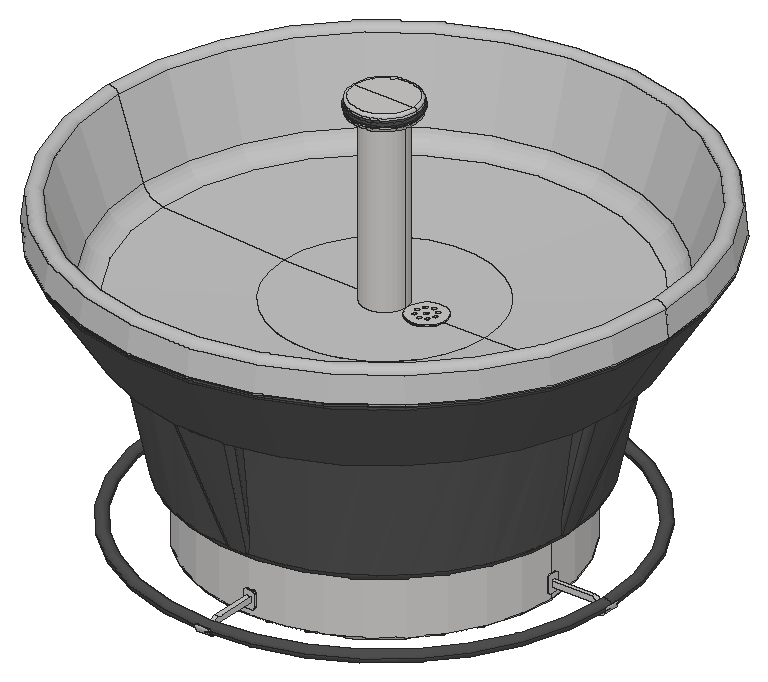
Revit family "Washfountain_Lavatory-Bradley_Corp-WF2808-Type_A_Drain", category Plumbing Fixtures, Revit 2012
Parameters
  Width = 54.000"
  Warranty Information = ""
  WFU = 0
  Voltage = 110 V
  Version = "2.0"
  URL = "http://www.bradleycorp.com/"
  Towel Dispenser Holder [instance] = if((Soap Dispenser), 6.000", 15.000")  # 15.000"
  Towel Dispenser Height [instance] = if((Sensor Module), 55.750", 52.250")  # 52.250"
  TouchTime® Control [instance] = no
  Technical Data = ""
  Spray Head Height = 37.250"
  Specifications URL = "http://www.bradleycorp.com/3partspec"
  Soap Dispenser Holder [instance] = 3.000"  # constant formula
  Soap Dispenser Height [instance] = if((Sensor Module), 49.750", 46.250")  # 46.250"
  Sensor Module Height = 40.750"
  Sensor Module [instance] = or(not(Foot Control Valve), TouchTime® Control, Air Valve Hand Control, Adaptive Infrared Activation Control)  # no
  Rim Height = 29.000"
  Product Tech Data URL - Spanish = ""
  Product Tech Data URL - French = ""
  Product Tech Data URL - English = "http://bradleycorp.com/download/1241/2015.pdf"
  Pedestal Material = Plastic - Bradley Corp - Black
  Pedestal Height = 26.000"
  Operating Water Pressure Range = "20 - 80 PSI"
  OmniClass Table 23 Title = "Sinks/Lavatories"
  OmniClass Table 23 Number = "23-31 13 00"
  OmniClass Table 21 Title = "Plumbing Fixtures"
  OmniClass Table 21 Number = "21-04 20 10 60"
  No Towel Dispenser [instance] = not(Towel Dispenser)  # yes
  No Soap Dispenser [instance] = not(Soap Dispenser)  # yes
  No Sensor Module [instance] = not(Sensor Module)  # yes
  Modeling Code = ""
  Model = "WF2808"
  Material Note = "Other Terrazzo colors available - See www.bradleycorp.com "
  MasterFormat Title = "Commercial Lavatories and Sinks"
  MasterFormat Number = "22 42 16"
  Manufacturer = "Bradley Corp"
  Industry Standards = "ANSI Z124.3, Z124.6 and ANSI/ICPA SS-1-2001"
  Hot Lavatory Inlet Radius = Hot Lavatory Inlet / 2  # 1/2"
  Hot Lavatory Inlet = 1"
  HWFU = 0
  Frequency = 50 Hz
  Foot Control Valve [instance] = not(or(TouchTime® Control, Air Valve Hand Control, Adaptive Infrared Activation Control))  # yes
  Flow Rate = 5.0 GPM
  Fire Rating = "n/a"
  Drain Radius = Drain / 2  # 1"
  Drain = 2"
  Description = "Washfountain, 54\" Circular with 9\" Deep Bowl"
  Copyright = "This Model Data is Property of Bradley Corporation"
  Cold Lavatory Inlet Radius = Cold Lavatory Inlet / 2  # 1/2"
  Cold Lavatory Inlet = 1"
  CWFU = 0
  Buy American Act = "No"
  Button Visibility [instance] = or(TouchTime® Control, Air Valve Hand Control)  # no
  Bowl Material [instance] = Stone - Bradley Corp - Carbon
  Assembly Code = "D2010300"
  Air Valve Hand Control [instance] = no
  Adaptive Infrared Activation Control [instance] = no
  ADA Compliant = "Yes"
  Soap Dispenser [instance] = no
  Towel Dispenser [instance] = no
Reference planes (in)
  plane 1 "Center (Front/Back)": y = 0
  plane 2: z = 0
  plane 3 "Center (Left/Right)": x = 0
  plane 4 "Left": x = -27
  plane 5 "Right": x = 27
  plane 6 "Front": y = -27
  plane 7 "Back": y = 27
  plane 8 "Towel Dispenser": z = 52.25
  plane 9 "Soap Dispenser": z = 46.25
  plane 10 "Sensor Module": z = 40.75
  plane 11 "Spray Head": z = 37.25
  plane 12 "Rim Height": z = 29
  plane 13: z = 40.25
  plane 14 "Pedestal Height": z = 26
Forms (in)
  Revolve 1, solid, material "Stone - Bradley Corp - Carbon" <- "Bowl Material", detail levels medium+fine
    sketch origin (-3, 0, 29) x (1, 0, 0) y (0, 0, 1)
      loop
        line (-19.00041, -10.88) -> (1, -10.88) -> (1, -8.99998) -> (-6.5, -8.99998) -> (-18.04504, -8.54806)
        arc (-18.04504, -8.54806) -> (-19.17262, -8.16768) -> (-19.88451, -7.2141) r 2
        line (-19.88451, -7.2141) -> (-22.2559, -0.49353)
        arc (-22.2559, -0.49353) -> (-23.0061, 0) -> (-23.6919, -0.5797) r 0.75
        line (-23.6919, -0.5797) -> (-24, -2.8881)
        arc (-24, -2.8881) -> (-23.97669, -2.96533) -> (-23.90322, -2.99865) r 0.09764
        line (-23.90322, -2.99865) -> (-23.7906, -2.99865) -> (-23.84579, -3.22848)
        arc (-23.84579, -3.22848) -> (-23.84847, -3.32773) -> (-23.81229, -3.42019) r 0.24994
        line (-23.81229, -3.42019) -> (-19.00041, -10.88)
      axis (3, -0.49353) -> (3, -10.88)
    angle from 0 to 360
  Revolve 2, solid, material "Stone - Bradley Corp - Carbon" <- "Bowl Material", detail levels coarse
    sketch origin (-3, 0, 29) x (1, 0, 0) y (0, 0, 1)
      loop
        line (-24, 0) -> (-24, -3) -> (-23.50943, -3) -> (-19.08564, -10.88) -> (1, -10.88) -> (1, -8.85798) -> (-6.5, -8.85798) -> (-19.43127, -8.4938) -> (-22.43959, 0) -> (-24, 0)
      axis (3, 0) -> (3, -10.88)
    angle from 0 to 360
  Revolve 3, solid, material "Metal - Bradley Corp - Stainless Steel - Polished", detail levels fine
    sketch origin (-3, 0, 37.25) x (1, 0, 0) y (0, 0, 1)
      loop
        arc (0.215, 0.00002) -> (0.03822, -0.0732) -> (-0.035, -0.24998) r 0.25
        line (-0.035, -0.24998) -> (-0.035, -0.44498)
        arc (-0.035, -0.44498) -> (-0.10129, -0.47244) -> (-0.12875, -0.53873) r 0.09375
        line (-0.12875, -0.53873) -> (-0.12875, -0.85123)
        arc (-0.12875, -0.85123) -> (-0.10129, -0.91752) -> (-0.035, -0.94498) r 0.09375
        line (-0.035, -0.94498) -> (-0.035, -1.13998)
        arc (-0.035, -1.13998) -> (0.03822, -1.31676) -> (0.215, -1.38998) r 0.25
        line (0.215, -1.38998) -> (1, -1.38998) -> (1, -18.991) -> (3, -18.991) -> (3, 0.00002) -> (0.215, 0.00002)
      axis (3, 0.00002) -> (3, -18.991)
    angle from 0 to 360
  Revolve 4, solid, material "Metal - Bradley Corp - Stainless Steel - Polished", detail levels coarse+medium
    sketch origin (-3, 0, 37.25) x (1, 0, 0) y (0, 0, 1)
      loop
        line (3, 0) -> (0.21498, 0) -> (-0.12875, -0.44498) -> (-0.12875, -0.94498) -> (0.215, -1.38998) -> (1, -1.38998) -> (1, -18.991) -> (3, -18.991) -> (3, 0)
      axis (3, 0) -> (3, -18.991)
    angle from 0 to 360
  Revolve 5, solid, material "Metal - Bradley Corp - Stainless Steel - Polished", visible <- "Soap Dispenser", detail levels fine
    sketch origin (-3, 0, 46.25) x (1, 0, 0) y (0, 0, 1)
      loop
        arc (-1.17907, 0) -> (-2.18101, -0.11803) -> (-3.1566, -0.375) r 7.19764
        line (-3.1566, -0.375) -> (-3.1566, -1) -> (-3.01376, -1) -> (-3.01376, -1.64327) -> (-2.98301, -1.64327) -> (-2.98301, -2.89327) -> (-2.93039, -2.89327) -> (-2.93039, -4.14327) -> (-2.87777, -4.14327) -> (-2.87777, -5.39327) -> (-2.81, -5.39327) -> (-2.81, -6) -> (3, -6) -> (3, 0) -> (-1.17907, 0)
      axis (3, 0) -> (3, -6)
    angle from 0 to 360
  Revolve 6, solid, material "Metal - Bradley Corp - Stainless Steel - Polished", visible <- "Soap Dispenser", detail levels coarse+medium
    sketch origin (-3, 0, 46.25) x (1, 0, 0) y (0, 0, 1)
      loop
        line (3, -1) -> (-3.1566, -1) -> (-2.81, -6) -> (3, -6) -> (3, -1)
      axis (3, -1) -> (3, -6)
    angle from 0 to 360
  Revolve 7, solid, material "Metal - Bradley Corp - Stainless Steel - Polished", visible <- "Sensor Module", detail levels fine
    sketch origin (-3, 0, 40.75) x (1, 0, 0) y (0, 0, 1)
      loop
        line (-1.49987, -0.56541) -> (-1.49987, -1.98683)
        arc (-1.49987, -1.98683) -> (-1.48063, -2.08301) -> (-1.42587, -2.16439) r 0.25
        line (-1.42587, -2.16439) -> (-0.82309, -2.76716)
        arc (-0.82309, -2.76716) -> (-0.74199, -2.82135) -> (-0.64632, -2.84038) r 0.25
        line (-0.64632, -2.84038) -> (1, -2.84038) -> (1, -3.5) -> (3, -3.5) -> (3, 0) -> (0.89718, 0)
        arc (0.89718, 0) -> (-0.28099, -0.0858) -> (-1.45612, -0.2063) r 40.06
        arc (-1.45612, -0.2063) -> (-1.54124, -0.251) -> (-1.57537, -0.34072) r 0.135
        line (-1.57537, -0.34072) -> (-1.57537, -0.56541) -> (-1.49987, -0.56541)
      axis (3, 0) -> (3, -3.5)
    angle from 0 to 360
  Revolve 8, solid, material "Metal - Bradley Corp - Stainless Steel - Polished", visible <- "Sensor Module", detail levels coarse+medium
    sketch origin (-3, 0, 40.75) x (1, 0, 0) y (0, 0, 1)
      loop
        line (-1.57537, -2.01488) -> (-0.75025, -2.84) -> (1, -2.84) -> (1, -3.5) -> (3, -3.5) -> (3, 0) -> (-1.57537, 0) -> (-1.57537, -2.01488)
      axis (3, 0) -> (3, -3.5)
    angle from 0 to 360
  Extrusion 9, solid, material "Metal - Bradley Corp - Stainless Steel - Polished", visible <- "Towel Dispenser"
    sketch origin (-5.60167, 3.20696, 52.25) x (0, 0, 1) y (0, 1, 0)
      loop
        line (0, 0) -> (15.313, 0) -> (14.62567, 4) -> (1.37502, 4) -> (0, 1.75) -> (0, 0)
    from -0.10167 to -11.10192
  Extrusion 10, solid, material "Metal - Bradley Corp - Stainless Steel - Polished", visible <- "Towel Dispenser"
    sketch origin (-0.06259, -6.38699, 52.25) x (0, 0, 1) y (-0.866025, -0.5, 0)
      loop
        line (0, 0) -> (15.313, 0) -> (14.62567, 4) -> (1.37502, 4) -> (0, 1.75) -> (0, 0)
    from 0 to -11
  Extrusion 11, solid, material "Metal - Bradley Corp - Stainless Steel - Polished", visible <- "Towel Dispenser"
    sketch origin (5.61356, 3.22741, 55.75) x (0, 0, 1) y (0.866038, -0.499977, 0)
      loop
        line (-3.5, 0) -> (11.813, 0) -> (11.12567, 4) -> (-2.12498, 4) -> (-3.5, 1.75) -> (-3.5, 0)
    from -0.10167 to -11.10192
  Extrusion 12, solid, material "Metal - Bradley Corp - Stainless Steel - Polished", visible <- "Towel Dispenser"
    sketch origin (0, 0, 52.25) x (-1, 0, 0) y (0, -1, 0)
      loop
        circle (0, 0) r 2
    from -15 to 16.313
  Extrusion 13, solid, material "Metal - Bradley Corp - Stainless Steel - Polished", visible <- "Soap Dispenser"
    sketch origin (0, 0, 46.25) x (-1, 0, 0) y (0, -1, 0)
      loop
        circle (0, 0) r 2
    from -6 to -9
  Extrusion 14, solid, material "Metal - Bradley Corp - Stainless Steel - Polished", visible <- "Towel Dispenser"
    sketch origin (0, 0, 52.25) x (-1, 0, 0) y (0, -1, 0)
      loop
        line (5.5, -3.20696) -> (5.56259, -3.13929) -> (0.06259, 6.38699) -> (-0.06295, 6.3871) -> (-5.56269, -3.13929) -> (-5.50026, -3.20696) -> (5.5, -3.20696)
      loop
        circle (0, 0) r 2
    from 14.62567 to 14.12567
  Extrusion 15, solid, material "Metal - Bradley Corp - Stainless Steel - Polished", visible <- "Towel Dispenser"
    sketch origin (0, 0, 52.25) x (-1, 0, 0) y (0, -1, 0)
      loop
        line (5.56259, -3.13929) -> (0.06259, 6.38699) -> (-0.06295, 6.3871) -> (-5.56269, -3.13929) -> (-5.50026, -3.20696) -> (5.5, -3.20696) -> (5.56259, -3.13929)
      loop
        circle (0, 0) r 2
    from 1.0786 to 1.5786
  Sweep 16, solid, material "Plastic - Bradley Corp - Black", visible <- "Foot Control Valve"
    path in 3D
      loop
        arc (-21, 0, 0) -> (0, -21, 0) -> (21, 0, 0) r 21
        arc (21, 0, 0) -> (0, 21, 0) -> (-21, 0, 0) r 21
    profile origin (0, 21, 0) x (0, -1, 0) y (0, 0, 1)
      loop
        circle (0, 1.425) r 0.5
  Extrusion 17, solid, material "Metal - Bradley Corp - Stainless Steel - Satin", visible <- "Foot Control Valve"
    sketch origin (0, 0, 0) x (1, 0, 0) y (0, 0, 1)
      loop
        arc (-21.48307, 1.55388) -> (-21.51847, 1.61509) -> (-21.57968, 1.57969) r 0.05
        arc (-21.57968, 1.57969) -> (-21.01372, 0.82503) -> (-20.41385, 1.55302) r 0.6
        arc (-20.41385, 1.55302) -> (-20.47337, 1.59119) -> (-20.51154, 1.53166) r 0.05
        arc (-20.51154, 1.53166) -> (-21.01143, 0.925) -> (-21.48307, 1.55388) r 0.5
      loop
        arc (21.48307, 1.55388) -> (21.01143, 0.925) -> (20.51154, 1.53166) r 0.5
        arc (20.51154, 1.53166) -> (20.47337, 1.59119) -> (20.41385, 1.55302) r 0.05
        arc (20.41385, 1.55302) -> (21.01372, 0.82503) -> (21.57968, 1.57969) r 0.6
        arc (21.57968, 1.57969) -> (21.51847, 1.61509) -> (21.48307, 1.55388) r 0.05
    from -0.67 to 0.67
  Extrusion 18, solid, material "Metal - Bradley Corp - Stainless Steel - Satin", visible <- "Foot Control Valve"
    sketch origin (0, 0, 0) x (0, 1, 0) y (0, 0, 1)
      loop
        arc (21.48307, 1.55401) -> (21.01143, 0.92513) -> (20.51154, 1.53179) r 0.5
        arc (20.51154, 1.53179) -> (20.47337, 1.59132) -> (20.41385, 1.55315) r 0.05
        arc (20.41385, 1.55315) -> (21.01372, 0.82516) -> (21.57968, 1.57982) r 0.6
        arc (21.57968, 1.57982) -> (21.51847, 1.61522) -> (21.48307, 1.55401) r 0.05
      loop
        arc (-21.48307, 1.55401) -> (-21.51847, 1.61522) -> (-21.57968, 1.57982) r 0.05
        arc (-21.57968, 1.57982) -> (-21.01372, 0.82516) -> (-20.41385, 1.55315) r 0.6
        arc (-20.41385, 1.55315) -> (-20.47337, 1.59132) -> (-20.51154, 1.53179) r 0.05
        arc (-20.51154, 1.53179) -> (-21.01143, 0.92513) -> (-21.48307, 1.55401) r 0.5
    from -0.67 to 0.67
  Extrusion 19, solid, material "Metal - Bradley Corp - Stainless Steel - Satin", visible <- "Foot Control Valve"
    sketch origin (0, 0, 0) x (1, 0, 0) y (0, 0, 1)
      loop
        line (-16.0446, 1.26725) -> (-16.0446, 1.76725) -> (-19.80661, 1.76725)
        arc (-19.80661, 1.76725) -> (-20.14911, 1.67556) -> (-20.4, 1.42503) r 0.68556
        arc (-20.4, 1.42503) -> (-20.57574, 1.00076) -> (-21, 0.82503) r 0.6
        arc (-21, 0.82503) -> (-20.42367, 0.87326) -> (-19.94786, 1.20202) r 1.12245
        arc (-19.94786, 1.20202) -> (-19.8844, 1.25015) -> (-19.80661, 1.26725) r 0.18556
        line (-19.80661, 1.26725) -> (-16.0446, 1.26725)
      loop
        line (16.04456, 1.26725) -> (19.80661, 1.26725)
        arc (19.80661, 1.26725) -> (19.8844, 1.25015) -> (19.94786, 1.20202) r 0.18556
        arc (19.94786, 1.20202) -> (20.42367, 0.87326) -> (21, 0.82503) r 1.12245
        arc (21, 0.82503) -> (20.57574, 1.00076) -> (20.4, 1.42503) r 0.6
        arc (20.4, 1.42503) -> (20.14911, 1.67556) -> (19.80661, 1.76725) r 0.68556
        line (19.80661, 1.76725) -> (16.04456, 1.76725) -> (16.04456, 1.26725)
    from -0.2 to 0.2
  Extrusion 20, solid, material "Metal - Bradley Corp - Stainless Steel - Satin", visible <- "Foot Control Valve"
    sketch origin (0, 0, 0) x (0, 1, 0) y (0, 0, 1)
      loop
        line (16.04286, 1.27219) -> (19.80754, 1.27219)
        arc (19.80754, 1.27219) -> (19.88533, 1.25509) -> (19.94879, 1.20696) r 0.18556
        arc (19.94879, 1.20696) -> (20.4246, 0.8782) -> (21.00093, 0.82997) r 1.12245
        arc (21.00093, 0.82997) -> (20.57666, 1.0057) -> (20.40093, 1.42997) r 0.6
        arc (20.40093, 1.42997) -> (20.15004, 1.6805) -> (19.80754, 1.77219) r 0.68556
        line (19.80754, 1.77219) -> (16.04286, 1.77219) -> (16.04286, 1.27219)
      loop
        line (-16.04458, 1.27219) -> (-16.04458, 1.77219) -> (-19.80754, 1.77219)
        arc (-19.80754, 1.77219) -> (-20.15004, 1.6805) -> (-20.40093, 1.42997) r 0.68556
        arc (-20.40093, 1.42997) -> (-20.57666, 1.0057) -> (-21.00093, 0.82997) r 0.6
        arc (-21.00093, 0.82997) -> (-20.4246, 0.8782) -> (-19.94879, 1.20696) r 1.12245
        arc (-19.94879, 1.20696) -> (-19.88533, 1.25509) -> (-19.80754, 1.27219) r 0.18556
        line (-19.80754, 1.27219) -> (-16.04458, 1.27219)
    from -0.19588 to 0.2
  Extrusion 21, solid, material "Metal - Bradley Corp - Stainless Steel - Satin", visible <- "Foot Control Valve"
    sketch origin (0, 0, 0) x (0, 1, 0) y (0, 0, 1)
      loop
        line (0.25501, 2.33461) -> (-0.24499, 2.33461)
        arc (-0.24499, 2.33461) -> (-0.42177, 2.26139) -> (-0.49499, 2.08461) r 0.25
        line (-0.49499, 2.08461) -> (-0.49499, 0.95961)
        arc (-0.49499, 0.95961) -> (-0.42177, 0.78284) -> (-0.24499, 0.70961) r 0.25
        line (-0.24499, 0.70961) -> (0.25501, 0.70961)
        arc (0.25501, 0.70961) -> (0.43178, 0.78284) -> (0.50501, 0.95961) r 0.25
        line (0.50501, 0.95961) -> (0.50501, 2.08461)
        arc (0.50501, 2.08461) -> (0.43178, 2.26139) -> (0.25501, 2.33461) r 0.25
      loop
        line (0.24214, 1.22802) -> (0.24214, 1.81621) -> (-0.23845, 1.81621) -> (-0.23845, 1.22802) -> (0.24214, 1.22802)
    from -16.0446 to -15.8946
  Extrusion 22, solid, material "Metal - Bradley Corp - Stainless Steel - Satin", visible <- "Foot Control Valve"
    sketch origin (0, 0, 0) x (0, 1, 0) y (0, 0, 1)
      loop
        arc (-0.25501, 2.33461) -> (-0.43178, 2.26139) -> (-0.50501, 2.08461) r 0.25
        line (-0.50501, 2.08461) -> (-0.50501, 0.95961)
        arc (-0.50501, 0.95961) -> (-0.43178, 0.78284) -> (-0.25501, 0.70961) r 0.25
        line (-0.25501, 0.70961) -> (0.24499, 0.70961)
        arc (0.24499, 0.70961) -> (0.42177, 0.78284) -> (0.49499, 0.95961) r 0.25
        line (0.49499, 0.95961) -> (0.49499, 2.08461)
        arc (0.49499, 2.08461) -> (0.42177, 2.26139) -> (0.24499, 2.33461) r 0.25
        line (0.24499, 2.33461) -> (-0.25501, 2.33461)
      loop
        line (-0.24214, 1.22802) -> (0.23845, 1.22802) -> (0.23845, 1.81621) -> (-0.24214, 1.81621) -> (-0.24214, 1.22802)
    from 15.89284 to 16.04456
  Extrusion 23, solid, material "Metal - Bradley Corp - Stainless Steel - Satin", visible <- "Foot Control Valve"
    sketch origin (0, 0, 0) x (1, 0, 0) y (0, 0, 1)
      loop
        arc (-0.25501, 2.33461) -> (-0.43178, 2.26139) -> (-0.50501, 2.08461) r 0.25
        line (-0.50501, 2.08461) -> (-0.50501, 0.95961)
        arc (-0.50501, 0.95961) -> (-0.43178, 0.78284) -> (-0.25501, 0.70961) r 0.25
        line (-0.25501, 0.70961) -> (0.24499, 0.70961)
        arc (0.24499, 0.70961) -> (0.42177, 0.78284) -> (0.49499, 0.95961) r 0.25
        line (0.49499, 0.95961) -> (0.49499, 2.08461)
        arc (0.49499, 2.08461) -> (0.42177, 2.26139) -> (0.24499, 2.33461) r 0.25
        line (0.24499, 2.33461) -> (-0.25501, 2.33461)
      loop
        line (-0.24214, 1.22802) -> (0.23845, 1.22802) -> (0.23845, 1.81621) -> (-0.24214, 1.81621) -> (-0.24214, 1.22802)
    from -16.04286 to -15.89458
  Extrusion 24, solid, material "Metal - Bradley Corp - Stainless Steel - Satin", visible <- "Foot Control Valve"
    sketch origin (0, 0, 0) x (1, 0, 0) y (0, 0, 1)
      loop
        line (0.25501, 2.33461) -> (-0.24499, 2.33461)
        arc (-0.24499, 2.33461) -> (-0.42177, 2.26139) -> (-0.49499, 2.08461) r 0.25
        line (-0.49499, 2.08461) -> (-0.49499, 0.95961)
        arc (-0.49499, 0.95961) -> (-0.42177, 0.78284) -> (-0.24499, 0.70961) r 0.25
        line (-0.24499, 0.70961) -> (0.25501, 0.70961)
        arc (0.25501, 0.70961) -> (0.43178, 0.78284) -> (0.50501, 0.95961) r 0.25
        line (0.50501, 0.95961) -> (0.50501, 2.08461)
        arc (0.50501, 2.08461) -> (0.43178, 2.26139) -> (0.25501, 2.33461) r 0.25
      loop
        line (0.24214, 1.22802) -> (0.24214, 1.81621) -> (-0.23845, 1.81621) -> (-0.23845, 1.22802) -> (0.24214, 1.22802)
    from 15.89458 to 16.04458
  Extrusion 25, void
    sketch origin (0, 0, 18.12) x (-1, 0, 0) y (0, -1, 0)
      loop
        circle (-4, 0) r 1.75
    from 0 to 10.88
  Extrusion 26, solid, material "Metal - Bradley Corp - Stainless Steel - Polished", detail levels medium+fine
    sketch origin (0, 0, 18.12) x (-1, 0, 0) y (0, -1, 0)
      loop
        circle (-4, 0) r 1.75
      loop
        circle (-4, 0) r 0.1842
      loop
        circle (-4, -0.87771) r 0.1842
      loop
        circle (-3.12229, 0) r 0.1842
      loop
        circle (-4, 0.87771) r 0.1842
      loop
        circle (-4.87771, 0) r 0.1842
      loop
        circle (-4.62063, -0.62063) r 0.1842
      loop
        circle (-3.37937, -0.62063) r 0.1842
      loop
        circle (-3.37937, 0.62063) r 0.1842
      loop
        circle (-4.62063, 0.62063) r 0.1842
    from 1.97531 to 2.02202
  Extrusion 27, solid, material "Default", not visible, detail levels medium+fine
    sketch origin (0, 0, 0) x (1, 0, 0) y (0, 1, 0)
      loop
        circle (4, 0) r 1
      loop
        line (1, 5.5) -> (-1, 5.5) -> (-1, 4.5) -> (1, 4.5) -> (1, 5.5)
    from 0 to 3
  SweptBlend 28, solid, material "Plastic - Bradley Corp - Black" <- "Pedestal Material", detail levels medium+fine
    path in 3D
      loop
        line (-17.47033, -0.07207, 6.24986) -> (-22.00672, -0.07207, 18.12)
    profile origin (-17.47033, -0.07207, 6.24986) x (0, 1, 0) y (-0.934109, 0, -0.356987)
      loop
        arc (1.10677, -0.31109) -> (1.01994, -0.10145) -> (0.8103, -0.01461) r 0.29648
        arc (0.8103, -0.01461) -> (0, 0.02141) -> (-0.8103, -0.01461) r 9.13062
        arc (-0.8103, -0.01461) -> (-1.01994, -0.10145) -> (-1.10677, -0.31109) r 0.29648
        line (-1.10677, -0.31109) -> (-1.10677, -2.07277) -> (1.10677, -2.07277) -> (1.10677, -0.31109)
    end profile origin (-22.00672, -0.07207, 18.12) x (0, 1, 0) y (-0.934109, 0, -0.356987)
      loop
        spline (2.38834, -0.11493) -> (2.00339, -0.08006) -> (1.61784, -0.05152) -> (1.23182, -0.02931) -> (0.84544, -0.01344) -> (0.45881, -0.00392) -> (0.07207, -0.00074) -> (-0.31467, -0.00392) -> (-0.70129, -0.01344) -> (-1.08767, -0.02931) -> (-1.4737, -0.05152) -> (-1.85924, -0.08006) -> (-2.24419, -0.11493)
        arc (-2.24419, -0.11493) -> (-2.58078, -0.31531) -> (-2.71312, -0.684) r 0.57976
        line (-2.71312, -0.684) -> (-2.20765, -2.07277) -> (2.35179, -2.07277) -> (2.85726, -0.684)
        arc (2.85726, -0.684) -> (2.72493, -0.31531) -> (2.38834, -0.11493) r 0.57976
  Revolve 29, solid, material "Plastic - Bradley Corp - Black" <- "Pedestal Material", detail levels medium+fine
    sketch origin (0, 0, 0) x (1, 0, 0) y (0, 0, 1)
      loop
        arc (-17.49891, 6.32544) -> (-17.17129, 5.84995) -> (-16.62363, 5.66694) r 0.91095
        line (-16.62363, 5.66694) -> (0, 5.66694) -> (0, 18.12) -> (-20.00592, 18.12) -> (-17.49891, 6.32544)
      axis (0, 18.12) -> (0, 5.66694)
    angle from 0 to 360
  SweptBlend 30, solid, material "Plastic - Bradley Corp - Black" <- "Pedestal Material", detail levels medium+fine
    path in 3D
      loop
        line (0.07207, -17.47033, 6.24986) -> (0.07207, -22.00672, 18.12)
    profile origin (0.07207, -17.47033, 6.24986) x (-0.135177, 0.925536, 0.35371) y (-0.990822, -0.12627, -0.048256)
      loop
        arc (0.45784, 1.05456) -> (0.23839, 0.99686) -> (0.12401, 0.80089) r 0.29648
        arc (0.12401, 0.80089) -> (-0.02122, 0.00289) -> (-0.09506, -0.80484) r 9.13062
        arc (-0.09506, -0.80484) -> (-0.03736, -1.02429) -> (0.15862, -1.13867) r 0.29648
        line (0.15862, -1.13867) -> (1.90413, -1.3768) -> (2.20335, 0.81642) -> (0.45784, 1.05456)
    end profile origin (0.07207, -22.00672, 18.12) x (-0.135177, 0.925536, 0.35371) y (-0.990822, -0.12627, -0.048256)
      loop
        spline (0.43672, 2.35088) -> (0.35014, 1.97418) -> (0.26974, 1.59603) -> (0.19555, 1.21655) -> (0.1276, 0.83586) -> (0.0659, 0.45407) -> (0.01048, 0.07131) -> (-0.03866, -0.31231) -> (-0.08148, -0.69667) -> (-0.11799, -1.08165) -> (-0.14817, -1.46713) -> (-0.172, -1.853) -> (-0.18949, -2.23913)
        arc (-0.18949, -2.23913) -> (-0.03645, -2.59972) -> (0.31097, -2.78068) r 0.57976
        line (0.31097, -2.78068) -> (1.75532, -2.46757) -> (2.37165, 2.05002) -> (1.06395, 2.73858)
        arc (1.06395, 2.73858) -> (0.68076, 2.6573) -> (0.43672, 2.35088) r 0.57976
  SweptBlend 31, solid, material "Plastic - Bradley Corp - Black" <- "Pedestal Material", detail levels medium+fine
    path in 3D
      loop
        line (17.47033, 0.07207, 6.24986) -> (22.00672, 0.07207, 18.12)
    profile origin (17.47033, 0.07207, 6.24986) x (-0.12862, 0.990475, 0.049154) y (-0.925212, -0.137692, 0.353587)
      loop
        arc (-1.0534, 0.46052) -> (-0.99625, 0.24092) -> (-0.80057, 0.12604) r 0.29648
        arc (-0.80057, 0.12604) -> (-0.00295, -0.02121) -> (0.80459, -0.0971) r 9.13062
        arc (0.80459, -0.0971) -> (1.02419, -0.03996) -> (1.13907, 0.15573) r 0.29648
        line (1.13907, 0.15573) -> (1.38164, 1.90063) -> (-0.81083, 2.20542) -> (-1.0534, 0.46052)
    end profile origin (22.00672, 0.07207, 18.12) x (-0.12862, 0.990475, 0.049154) y (-0.925212, -0.137692, 0.353587)
      loop
        spline (-2.34977, 0.44269) -> (-1.97328, 0.35515) -> (-1.59534, 0.27379) -> (-1.21605, 0.19864) -> (-0.83553, 0.12972) -> (-0.4539, 0.06705) -> (-0.07128, 0.01066) -> (0.31221, -0.03945) -> (0.69646, -0.08325) -> (1.08135, -0.12074) -> (1.46675, -0.15189) -> (1.85256, -0.17671) -> (2.23864, -0.19518)
        arc (2.23864, -0.19518) -> (2.59962, -0.04305) -> (2.78146, 0.30391) r 0.57976
        line (2.78146, 0.30391) -> (2.47202, 1.74905) -> (-2.04399, 2.37685) -> (-2.73587, 1.0709)
        arc (-2.73587, 1.0709) -> (-2.65556, 0.6875) -> (-2.34977, 0.44269) r 0.57976
  SweptBlend 32, solid, material "Plastic - Bradley Corp - Black" <- "Pedestal Material", detail levels medium+fine
    path in 3D
      loop
        line (-0.07207, 17.47033, 6.24986) -> (-0.07207, 22.00672, 18.12)
    profile origin (-0.07207, 17.47033, 6.24986) x (-0.265556, 0.900571, -0.344169) y (-0.964096, -0.248058, 0.0948)
      loop
        arc (-0.59383, -0.98442) -> (-0.36865, -0.95638) -> (-0.22927, -0.77732) r 0.29648
        arc (-0.22927, -0.77732) -> (0.02065, -0.00569) -> (0.20109, 0.78508) r 9.13062
        arc (0.20109, 0.78508) -> (0.17305, 1.01026) -> (-0.00601, 1.14965) r 0.29648
        line (-0.00601, 1.14965) -> (-1.70444, 1.61747) -> (-2.29225, -0.5166) -> (-0.59383, -0.98442)
    end profile origin (-0.07207, 22.00672, 18.12) x (-0.265556, 0.900571, -0.344169) y (-0.964096, -0.248058, 0.0948)
      loop
        spline (-0.74504, -2.27207) -> (-0.6092, -1.9102) -> (-0.47929, -1.54607) -> (-0.35537, -1.17981) -> (-0.23747, -0.81151) -> (-0.12562, -0.4413) -> (-0.01985, -0.06929) -> (0.07979, 0.30441) -> (0.17327, 0.67968) -> (0.26058, 1.0564) -> (0.34168, 1.43446) -> (0.41655, 1.81375) -> (0.48516, 2.19414)
        arc (0.48516, 2.19414) -> (0.38136, 2.57185) -> (0.06105, 2.79734) r 0.57976
        line (0.06105, 2.79734) -> (-1.41209, 2.67882) -> (-2.62288, -1.71692) -> (-1.4182, -2.57304)
        arc (-1.4182, -2.57304) -> (-1.02761, -2.54336) -> (-0.74504, -2.27207) r 0.57976
  Revolve 33, solid, material "Metal - Bradley Corp - Stainless Steel - Satin"
    sketch origin (0, 0, 0) x (1, 0, 0) y (0, 0, 1)
      loop
        line (-15.89458, 5.66694) -> (-15.89458, 0.09391)
        arc (-15.89458, 0.09391) -> (-15.86599, 0.0274) -> (-15.799, 0) r 0.0956
        line (-15.799, 0) -> (0, 0) -> (0, 5.66694) -> (-15.89458, 5.66694)
      axis (0, 5.66694) -> (0, 0)
    angle from 0 to 360
  Revolve 34, solid, material "Plastic - Bradley Corp - Black" <- "Pedestal Material", detail levels coarse
    sketch origin (0, 0, 0) x (0, 1, 0) y (0, 0, 1)
      loop
        line (22.00592, 18.12) -> (0, 18.12) -> (0, 5.66694) -> (17.27314, 5.66694) -> (22.00592, 18.12)
      axis (0, 18.12) -> (0, 5.66694)
    angle from 0 to 360
  Extrusion 35, solid, material "Default", not visible, detail levels medium+fine
    sketch origin (0, 0, 0) x (1, 0, 0) y (0, 1, 0)
      loop
        circle (-7.625, 2.5) r 0.5
      loop
        circle (7.625, 2.5) r 0.5
    from 0 to 2.5
  Revolve 36, solid, material "Plastic - Bradley Corp - Black", visible <- "Soap Dispenser", detail levels coarse+medium
    sketch origin (-3, 0, 46.25) x (1, 0, 0) y (0, 0, 1)
      loop
        line (-3.22592, 0) -> (-3.1566, -1) -> (3, -1) -> (3, 0) -> (-3.22592, 0)
      axis (3, 0) -> (3, -1)
    angle from 0 to 360
  Extrusion 37, solid, material "Metal - Bradley Corp - Stainless Steel - Polished", visible <- "Button Visibility"
    sketch origin (-3, 0, 40.75) x (1, 0, 0) y (0, 0, 1)
      loop
        circle (3, -1.3649) r 0.5
    from 4.57537 to 4.97537
  Extrusion 38, solid, material "Metal - Bradley Corp - Stainless Steel - Polished", visible <- "Button Visibility"
    sketch origin (-3, 0, 40.75) x (1, 0, 0) y (0, 0, 1)
      loop
        circle (3, -1.3649) r 0.5
    from -4.97537 to -4.57537
  Extrusion 39, solid, material "Metal - Bradley Corp - Stainless Steel - Polished", visible <- "Button Visibility", detail levels fine
    sketch origin (-3, 0, 40.75) x (1, 0, 0) y (0, 0, 1)
      loop
        circle (3, -1.3649) r 0.25
    from 4.49987 to 4.57537
  Extrusion 40, solid, material "Metal - Bradley Corp - Stainless Steel - Polished", visible <- "Button Visibility", detail levels fine
    sketch origin (-3, 0, 40.75) x (1, 0, 0) y (0, 0, 1)
      loop
        circle (3, -1.3649) r 0.25
    from -4.57537 to -4.49987
Cuts and joins
  Extrusion 25 cuts Revolve 2
  Extrusion 25 cuts Revolve 1
  joined: SweptBlend 28, Revolve 29, SweptBlend 30, SweptBlend 31, SweptBlend 32
Lines and regions (in)
  Masking region 1, detail levels coarse
    outline origin (-3, 0, 29) x (1, 0, 0) y (0, 0, 1)
      loop
        line (-24, 0) -> (-24, -3) -> (-23.5095, -3) -> (-19.08642, -10.88) -> (25.08642, -10.88) -> (29.5095, -3) -> (30, -3) -> (30, 0) -> (-24, 0)
  Masking region 2, detail levels medium+fine
    outline origin (-3, 0, 29) x (1, 0, 0) y (0, 0, 1)
      loop
        arc (-22.96118, 0.00001) -> (-23.42797, -0.16297) -> (-23.6919, -0.58104) r 0.75
        line (-23.6919, -0.58104) -> (-24, -2.88945)
        arc (-24, -2.88945) -> (-23.97669, -2.96667) -> (-23.90322, -3) r 0.09764
        line (-23.90322, -3) -> (-23.7906, -3) -> (-23.84579, -3.22983)
        arc (-23.84579, -3.22983) -> (-23.84847, -3.32908) -> (-23.81229, -3.42153) r 0.24994
        line (-23.81229, -3.42153) -> (-19.00128, -10.88) -> (25.00127, -10.88) -> (29.81229, -3.42153)
        arc (29.81229, -3.42153) -> (29.84847, -3.32907) -> (29.84579, -3.22982) r 0.24994
        line (29.84579, -3.22982) -> (29.7906, -2.99999) -> (29.90322, -2.99999)
        arc (29.90322, -2.99999) -> (29.97669, -2.96666) -> (30, -2.88944) r 0.09764
        line (30, -2.88944) -> (29.6919, -0.58104)
        arc (29.6919, -0.58104) -> (29.42797, -0.16296) -> (28.96118, 0.00001) r 0.75
        line (28.96118, 0.00001) -> (-22.96118, 0.00001)
  Masking region 3, detail levels coarse
    outline origin (0, 3, 29) x (0, -1, 0) y (0, 0, 1)
      loop
        line (-24, 0) -> (-24, -3) -> (-23.5095, -3) -> (-19.08642, -10.88) -> (25.08642, -10.88) -> (29.5095, -3) -> (30, -3) -> (30, 0) -> (-24, 0)
  Masking region 4, detail levels medium+fine
    outline origin (0, 3, 29) x (0, -1, 0) y (0, 0, 1)
      loop
        arc (-22.97735, -0.00017) -> (-23.43427, -0.16803) -> (-23.6919, -0.58104) r 0.75
        line (-23.6919, -0.58104) -> (-24, -2.88945)
        arc (-24, -2.88945) -> (-23.97669, -2.96667) -> (-23.90322, -3) r 0.09764
        line (-23.90322, -3) -> (-23.7906, -3) -> (-23.84579, -3.22983)
        arc (-23.84579, -3.22983) -> (-23.84847, -3.32908) -> (-23.81229, -3.42153) r 0.24994
        line (-23.81229, -3.42153) -> (-19.00128, -10.88) -> (25.00128, -10.88) -> (29.81229, -3.42153)
        arc (29.81229, -3.42153) -> (29.84847, -3.32908) -> (29.84579, -3.22983) r 0.24994
        line (29.84579, -3.22983) -> (29.7906, -3) -> (29.90322, -3)
        arc (29.90322, -3) -> (29.97669, -2.96667) -> (30, -2.88945) r 0.09764
        line (30, -2.88945) -> (29.6919, -0.58104)
        arc (29.6919, -0.58104) -> (29.43427, -0.16803) -> (28.97735, -0.00017) r 0.75
        line (28.97735, -0.00017) -> (-22.97735, -0.00017)
  Masking region 5, visible <- "Soap Dispenser", detail levels coarse+medium
    outline origin (-3, 0, 46.25) x (1, 0, 0) y (0, 0, 1)
      loop
        line (-3.22592, 0) -> (-2.81, -6) -> (8.81, -6) -> (9.22592, 0) -> (-3.22592, 0)
  Masking region 6, visible <- "Soap Dispenser", detail levels fine
    outline origin (-3, 0, 46.25) x (1, 0, 0) y (0, 0, 1)
      loop
        arc (-1.17907, 0) -> (-2.18101, -0.11803) -> (-3.1566, -0.375) r 7.19764
        line (-3.1566, -0.375) -> (-3.1566, -1) -> (-3.01376, -1) -> (-3.01376, -1.64327) -> (-2.98301, -1.64327) -> (-2.98301, -2.89327) -> (-2.93039, -2.89327) -> (-2.93039, -4.14327) -> (-2.87777, -4.14327) -> (-2.87777, -5.39327) -> (-2.81, -5.39327) -> (-2.81, -6) -> (8.81, -6) -> (8.81, -5.39327) -> (8.87777, -5.39327) -> (8.87777, -4.14327) -> (8.93039, -4.14327) -> (8.93039, -2.89327) -> (8.98301, -2.89327) -> (8.98301, -1.64327) -> (9.01376, -1.64327) -> (9.01376, -1) -> (9.1566, -1) -> (9.1566, -0.375)
        arc (9.1566, -0.375) -> (8.18101, -0.11803) -> (7.17907, 0) r 7.19764
        line (7.17907, 0) -> (-1.17907, 0)
  Masking region 7, visible <- "Soap Dispenser", detail levels coarse+medium
    outline origin (0, 3, 46.25) x (0, -1, 0) y (0, 0, 1)
      loop
        line (-3.22592, 0) -> (-2.81, -6) -> (8.81, -6) -> (9.22592, 0) -> (-3.22592, 0)
  Masking region 8, visible <- "Soap Dispenser", detail levels fine
    outline origin (0, 3, 46.25) x (0, -1, 0) y (0, 0, 1)
      loop
        arc (-1.17907, 0) -> (-2.18101, -0.11803) -> (-3.1566, -0.375) r 7.19764
        line (-3.1566, -0.375) -> (-3.1566, -1) -> (-3.01376, -1) -> (-3.01376, -1.64327) -> (-2.98301, -1.64327) -> (-2.98301, -2.89327) -> (-2.93039, -2.89327) -> (-2.93039, -4.14327) -> (-2.87777, -4.14327) -> (-2.87777, -5.39327) -> (-2.81, -5.39327) -> (-2.81, -6) -> (8.81, -6) -> (8.81, -5.39327) -> (8.87777, -5.39327) -> (8.87777, -4.14327) -> (8.93039, -4.14327) -> (8.93039, -2.89327) -> (8.98301, -2.89327) -> (8.98301, -1.64327) -> (9.01376, -1.64327) -> (9.01376, -1) -> (9.1566, -1) -> (9.1566, -0.375)
        arc (9.1566, -0.375) -> (8.18101, -0.11803) -> (7.17907, 0) r 7.19764
        line (7.17907, 0) -> (-1.17907, 0)
  Masking region 9, detail levels coarse+medium
    outline origin (-3, 0, 37.25) x (1, 0, 0) y (0, 0, 1)
      loop
        line (0.21498, 0) -> (-0.12875, -0.44498) -> (-0.12875, -0.94498) -> (0.215, -1.38998) -> (1, -1.38998) -> (1, -8.25) -> (5, -8.25) -> (5, -1.38998) -> (5.785, -1.38998) -> (6.12875, -0.94498) -> (6.12875, -0.44498) -> (5.78502, 0) -> (0.21498, 0)
  Masking region 10, detail levels fine
    outline origin (-3, 0, 37.25) x (1, 0, 0) y (0, 0, 1)
      loop
        arc (0.215, 0.00002) -> (0.03822, -0.0732) -> (-0.035, -0.24998) r 0.25
        line (-0.035, -0.24998) -> (-0.035, -0.44498)
        arc (-0.035, -0.44498) -> (-0.10129, -0.47244) -> (-0.12875, -0.53873) r 0.09375
        line (-0.12875, -0.53873) -> (-0.12875, -0.85123)
        arc (-0.12875, -0.85123) -> (-0.10129, -0.91752) -> (-0.035, -0.94498) r 0.09375
        line (-0.035, -0.94498) -> (-0.035, -1.13998)
        arc (-0.035, -1.13998) -> (0.03822, -1.31676) -> (0.215, -1.38998) r 0.25
        line (0.215, -1.38998) -> (1, -1.38998) -> (1, -8.25) -> (5, -8.25) -> (5, -1.38998) -> (5.785, -1.38998)
        arc (5.785, -1.38998) -> (5.96178, -1.31676) -> (6.035, -1.13998) r 0.25
        line (6.035, -1.13998) -> (6.035, -0.94498)
        arc (6.035, -0.94498) -> (6.10129, -0.91752) -> (6.12875, -0.85123) r 0.09375
        line (6.12875, -0.85123) -> (6.12875, -0.53873)
        arc (6.12875, -0.53873) -> (6.10129, -0.47244) -> (6.035, -0.44498) r 0.09375
        line (6.035, -0.44498) -> (6.035, -0.24998)
        arc (6.035, -0.24998) -> (5.96178, -0.0732) -> (5.785, 0.00002) r 0.25
        line (5.785, 0.00002) -> (0.215, 0.00002)
  Masking region 11, detail levels coarse+medium
    outline origin (0, 3, 37.25) x (0, -1, 0) y (0, 0, 1)
      loop
        line (-0.12875, -0.44498) -> (-0.12875, -0.94498) -> (0.215, -1.38998) -> (1, -1.38998) -> (1, -8.25) -> (5, -8.25) -> (5, -1.38998) -> (5.785, -1.38998) -> (6.12875, -0.94498) -> (6.12875, -0.44498) -> (5.78502, 0) -> (0.21498, 0) -> (-0.12875, -0.44498)
  Masking region 12, detail levels fine
    outline origin (0, 3, 37.25) x (0, -1, 0) y (0, 0, 1)
      loop
        arc (0.215, 0.00002) -> (0.03822, -0.0732) -> (-0.035, -0.24998) r 0.25
        line (-0.035, -0.24998) -> (-0.035, -0.44498)
        arc (-0.035, -0.44498) -> (-0.10129, -0.47244) -> (-0.12875, -0.53873) r 0.09375
        line (-0.12875, -0.53873) -> (-0.12875, -0.85123)
        arc (-0.12875, -0.85123) -> (-0.10129, -0.91752) -> (-0.035, -0.94498) r 0.09375
        line (-0.035, -0.94498) -> (-0.035, -1.13998)
        arc (-0.035, -1.13998) -> (0.03822, -1.31676) -> (0.215, -1.38998) r 0.25
        line (0.215, -1.38998) -> (1, -1.38998) -> (1, -8.25) -> (5, -8.25) -> (5, -1.38998) -> (5.785, -1.38998)
        arc (5.785, -1.38998) -> (5.96178, -1.31676) -> (6.035, -1.13998) r 0.25
        line (6.035, -1.13998) -> (6.035, -0.94498)
        arc (6.035, -0.94498) -> (6.10129, -0.91752) -> (6.12875, -0.85123) r 0.09375
        line (6.12875, -0.85123) -> (6.12875, -0.53873)
        arc (6.12875, -0.53873) -> (6.10129, -0.47244) -> (6.035, -0.44498) r 0.09375
        line (6.035, -0.44498) -> (6.035, -0.24998)
        arc (6.035, -0.24998) -> (5.96178, -0.0732) -> (5.785, 0.00002) r 0.25
        line (5.785, 0.00002) -> (0.215, 0.00002)
  Masking region 13, visible <- "Sensor Module", detail levels coarse+medium
    outline origin (-3, 0, 40.75) x (1, 0, 0) y (0, 0, 1)
      loop
        line (-1.5755, 0) -> (-1.5755, -2.01488) -> (-0.75, -2.84038) -> (1, -2.84038) -> (1, -3.5) -> (5, -3.5) -> (5, -2.84) -> (6.75025, -2.84) -> (7.57537, -2.01488) -> (7.57537, 0) -> (-1.5755, 0)
  Masking region 14, visible <- "Sensor Module", detail levels fine
    outline origin (-3, 0, 40.75) x (1, 0, 0) y (0, 0, 1)
      loop
        line (-1.49987, -0.56541) -> (-1.49987, -1.98683)
        arc (-1.49987, -1.98683) -> (-1.48063, -2.08301) -> (-1.42587, -2.16439) r 0.25
        line (-1.42587, -2.16439) -> (-0.82309, -2.76716)
        arc (-0.82309, -2.76716) -> (-0.74199, -2.82135) -> (-0.64632, -2.84038) r 0.25
        line (-0.64632, -2.84038) -> (1, -2.84038) -> (1, -3.5) -> (5, -3.5) -> (5, -2.84038) -> (6.64632, -2.84038)
        arc (6.64632, -2.84038) -> (6.74199, -2.82135) -> (6.82309, -2.76716) r 0.25
        line (6.82309, -2.76716) -> (7.42587, -2.16439)
        arc (7.42587, -2.16439) -> (7.48063, -2.08301) -> (7.49987, -1.98683) r 0.25
        line (7.49987, -1.98683) -> (7.49987, -0.56541) -> (7.57537, -0.56541) -> (7.57537, -0.34072)
        arc (7.57537, -0.34072) -> (7.54124, -0.251) -> (7.45612, -0.20664) r 0.135
        arc (7.45612, -0.20664) -> (6.28099, -0.0858) -> (5.10282, 0) r 40.06
        line (5.10282, 0) -> (0.89718, 0)
        arc (0.89718, 0) -> (-0.28099, -0.0858) -> (-1.45612, -0.2063) r 40.06
        arc (-1.45612, -0.2063) -> (-1.54124, -0.251) -> (-1.57537, -0.34072) r 0.135
        line (-1.57537, -0.34072) -> (-1.57537, -0.56541) -> (-1.49987, -0.56541)
  Masking region 15, visible <- "Sensor Module", detail levels coarse+medium
    outline origin (0, 3, 40.75) x (0, -1, 0) y (0, 0, 1)
      loop
        line (-1.57537, 0) -> (-1.57537, -2.01488) -> (-0.74987, -2.84038) -> (1, -2.84038) -> (1, -3.5) -> (5, -3.5) -> (5, -2.84) -> (6.75025, -2.84) -> (7.57537, -2.01488) -> (7.57537, 0) -> (-1.57537, 0)
  Masking region 16, visible <- "Sensor Module", detail levels fine
    outline origin (0, 3, 40.75) x (0, -1, 0) y (0, 0, 1)
      loop
        line (-1.49987, -0.56541) -> (-1.49987, -1.98683)
        arc (-1.49987, -1.98683) -> (-1.48063, -2.08301) -> (-1.42587, -2.16439) r 0.25
        line (-1.42587, -2.16439) -> (-0.82309, -2.76716)
        arc (-0.82309, -2.76716) -> (-0.74199, -2.82135) -> (-0.64632, -2.84038) r 0.25
        line (-0.64632, -2.84038) -> (1, -2.84038) -> (1, -3.5) -> (5, -3.5) -> (5, -2.84038) -> (6.64632, -2.84038)
        arc (6.64632, -2.84038) -> (6.74199, -2.82135) -> (6.82309, -2.76716) r 0.25
        line (6.82309, -2.76716) -> (7.42587, -2.16439)
        arc (7.42587, -2.16439) -> (7.48063, -2.08301) -> (7.49987, -1.98683) r 0.25
        line (7.49987, -1.98683) -> (7.49987, -0.56541) -> (7.57537, -0.56541) -> (7.57537, -0.34072)
        arc (7.57537, -0.34072) -> (7.54124, -0.251) -> (7.45612, -0.20664) r 0.135
        arc (7.45612, -0.20664) -> (6.28099, -0.0858) -> (5.10282, 0) r 40.06
        line (5.10282, 0) -> (0.89718, 0)
        arc (0.89718, 0) -> (-0.28099, -0.0858) -> (-1.45612, -0.2063) r 40.06
        arc (-1.45612, -0.2063) -> (-1.54124, -0.251) -> (-1.57537, -0.34072) r 0.135
        line (-1.57537, -0.34072) -> (-1.57537, -0.56541) -> (-1.49987, -0.56541)
  Masking region 17
    outline origin (0, 0, 29) x (-1, 0, 0) y (0, -1, 0)
      loop
        circle (0, 0) r 27
  Masking region 18, visible <- "Soap Dispenser"
    outline origin (0, 0, 46.25) x (-1, 0, 0) y (0, -1, 0)
      loop
        circle (0, 0) r 6.22592
  Masking region 19, visible <- "Sensor Module"
    outline origin (0, 0, 40.75) x (-1, 0, 0) y (0, -1, 0)
      loop
        circle (0, 0) r 4.57537
  Masking region 20
    outline origin (0, 0, 37.25) x (-1, 0, 0) y (0, -1, 0)
      loop
        circle (0, 0) r 3.12875
  Masking region 21, visible <- "Towel Dispenser"
    outline origin (0, 0, 52.25) x (-1, 0, 0) y (0, -1, 0)
      loop
        line (9.0267, -1.13929) -> (3.5267, 8.38699) -> (0.06259, 6.38699) -> (-0.06279, 6.3871) -> (-3.52689, 8.3871) -> (-9.02689, -1.13918) -> (-5.56279, -3.13918) -> (-5.50026, -3.20696) -> (-5.50026, -7.20696) -> (5.5, -7.20696) -> (5.5, -3.20696) -> (5.56259, -3.13929) -> (9.0267, -1.13929)
      loop
        circle (0, 0) r 2
  Split face 1
    outline origin (-5.60167, 4.95696, 52.25) x (0, 0.853278, 0.521456) y (1, 0, 0)
      loop
        arc (2.06845, 9.60192) -> (1.31845, 10.35192) -> (0.56845, 9.60192) r 0.75
        line (0.56845, 9.60192) -> (0.56845, 1.60167)
        arc (0.56845, 1.60167) -> (1.31845, 0.85167) -> (2.06845, 1.60167) r 0.75
        line (2.06845, 1.60167) -> (2.06845, 9.60192)
  Split face 2
    outline origin (-1.57814, -7.26199, 52.25) x (-0.73896, -0.426639, 0.521456) y (-0.5, 0.866025, 0)
      loop
        arc (2.06845, 9.70359) -> (1.31845, 10.45359) -> (0.56845, 9.70359) r 0.75
        line (0.56845, 9.70359) -> (0.56845, 1.70359)
        arc (0.56845, 1.70359) -> (1.31845, 0.95359) -> (2.06845, 1.70359) r 0.75
        line (2.06845, 1.70359) -> (2.06845, 9.70359)
  Split face 3
    outline origin (7.12913, 2.35245, 52.25) x (0.738971, -0.42662, 0.521456) y (-0.499977, -0.866038, 0)
      loop
        arc (2.06851, 9.60192) -> (1.31851, 10.35192) -> (0.56851, 9.60192) r 0.75
        line (0.56851, 9.60192) -> (0.56851, 1.60167)
        arc (0.56851, 1.60167) -> (1.31851, 0.85167) -> (2.06851, 1.60167) r 0.75
        line (2.06851, 1.60167) -> (2.06851, 9.60192)
  Masking region 22, visible <- "Towel Dispenser"
    outline origin (-3, 0, 52.25) x (1, 0, 0) y (0, 0, 1)
      loop
        line (-6.02676, 14.62567) -> (-6.02676, 1.37502) -> (-4.0782, 0) -> (1, 0) -> (1, -15) -> (5, -15) -> (5, 0) -> (10.0783, 0) -> (12.02688, 1.37502) -> (12.02688, 14.62567) -> (8.56273, 15.313) -> (5, 15.313) -> (5, 16.313) -> (1, 16.313) -> (1, 15.313) -> (-2.56266, 15.313) -> (-6.02676, 14.62567)
  Masking region 23, visible <- "Towel Dispenser"
    outline origin (0, 3, 52.25) x (0, -1, 0) y (0, 0, 1)
      loop
        line (-4.20696, 14.62567) -> (-4.20696, 1.37502) -> (-1.95696, 0) -> (10.2621, 0) -> (11.3871, 1.37502) -> (11.3871, 14.62567) -> (9.3871, 15.313) -> (5, 15.313) -> (5, 16.313) -> (1, 16.313) -> (1, 15.313) -> (-0.20696, 15.313) -> (-4.20696, 14.62567)
  Masking region 24, visible <- "Soap Dispenser"
    outline origin (-3, 0, 40.75) x (1, 0, 0) y (0, 0, 1)
      loop
        line (1, -0.5) -> (1, -3.5) -> (5, -3.5) -> (5, -0.5) -> (1, -0.5)
  Masking region 25, visible <- "Soap Dispenser"
    outline origin (5.60192, 3.20696, 52.25) x (0, 0, 1) y (0, -1, 0)
      loop
        line (-12, 1.20696) -> (-12, 5.20696) -> (-15, 5.20696) -> (-15, 1.20696) -> (-12, 1.20696)
  Masking region 26, visible <- "Foot Control Valve", detail levels fine
    outline origin (0, 0, 0) x (1, 0, 0) y (0, 0, 1)
      loop
        arc (-21, 1.925) -> (-21.30389, 1.82205) -> (-21.48264, 1.55559) r 0.5
        arc (-21.48264, 1.55559) -> (-21.51933, 1.61531) -> (-21.57968, 1.57969) r 0.05
        arc (-21.57968, 1.57969) -> (-21.4756, 1.05907) -> (-20.99912, 0.82487) r 0.6
        arc (-20.99912, 0.82487) -> (-20.64265, 0.81889) -> (-20.30228, 0.925) r 1.12245
        line (-20.30228, 0.925) -> (-0.67, 0.925) -> (-0.67, 0.825) -> (-0.46567, 0.825)
        arc (-0.46567, 0.825) -> (-0.3751, 0.74035) -> (-0.25501, 0.70961) r 0.25
        line (-0.25501, 0.70961) -> (0.25501, 0.70961)
        arc (0.25501, 0.70961) -> (0.3751, 0.74035) -> (0.46567, 0.825) r 0.25
        line (0.46567, 0.825) -> (0.67, 0.825) -> (0.67, 0.925) -> (20.30228, 0.925)
        arc (20.30228, 0.925) -> (20.64265, 0.81889) -> (20.99912, 0.82487) r 1.12245
        arc (20.99912, 0.82487) -> (21.4756, 1.05907) -> (21.57968, 1.57969) r 0.6
        arc (21.57968, 1.57969) -> (21.51933, 1.61531) -> (21.48264, 1.55559) r 0.05
        arc (21.48264, 1.55559) -> (21.30389, 1.82205) -> (21, 1.925) r 0.5
        line (21, 1.925) -> (0.50501, 1.925) -> (0.50501, 2.08461)
        arc (0.50501, 2.08461) -> (0.43178, 2.26139) -> (0.25501, 2.33461) r 0.25
        line (0.25501, 2.33461) -> (-0.25501, 2.33461)
        arc (-0.25501, 2.33461) -> (-0.43178, 2.26139) -> (-0.50501, 2.08461) r 0.25
        line (-0.50501, 2.08461) -> (-0.50501, 1.925) -> (-21, 1.925)
  Masking region 27, visible <- "Foot Control Valve", detail levels fine
    outline origin (0, -0.0015, -0.00157) x (0, 1, 0) y (0, 0, 1)
      loop
        line (21.0015, 1.92644) -> (0.5065, 1.92644) -> (0.5065, 2.08605)
        arc (0.5065, 2.08605) -> (0.43328, 2.26283) -> (0.2565, 2.33605) r 0.25
        line (0.2565, 2.33605) -> (-0.25351, 2.33605)
        arc (-0.25351, 2.33605) -> (-0.43029, 2.26283) -> (-0.50351, 2.08605) r 0.25
        line (-0.50351, 2.08605) -> (-0.50351, 1.92644) -> (-20.9985, 1.92644)
        arc (-20.9985, 1.92644) -> (-21.3024, 1.82348) -> (-21.48115, 1.55703) r 0.5
        arc (-21.48115, 1.55703) -> (-21.51783, 1.61675) -> (-21.57818, 1.58112) r 0.05
        arc (-21.57818, 1.58112) -> (-21.4741, 1.06051) -> (-20.99763, 0.82631) r 0.6
        arc (-20.99763, 0.82631) -> (-20.64115, 0.82032) -> (-20.30078, 0.92644) r 1.12245
        line (-20.30078, 0.92644) -> (-0.6685, 0.92644) -> (-0.6685, 0.82644) -> (-0.46417, 0.82644)
        arc (-0.46417, 0.82644) -> (-0.37361, 0.74179) -> (-0.25351, 0.71105) r 0.25
        line (-0.25351, 0.71105) -> (0.2565, 0.71105)
        arc (0.2565, 0.71105) -> (0.3766, 0.74179) -> (0.46717, 0.82644) r 0.25
        line (0.46717, 0.82644) -> (0.6715, 0.82644) -> (0.6715, 0.92644) -> (20.30377, 0.92644)
        arc (20.30377, 0.92644) -> (20.64415, 0.82032) -> (21.00062, 0.82631) r 1.12245
        arc (21.00062, 0.82631) -> (21.47709, 1.06051) -> (21.58118, 1.58112) r 0.6
        arc (21.58118, 1.58112) -> (21.52083, 1.61675) -> (21.48414, 1.55703) r 0.05
        arc (21.48414, 1.55703) -> (21.30539, 1.82348) -> (21.0015, 1.92644) r 0.5
  Masking region 28, visible <- "Foot Control Valve", detail levels coarse+medium
    outline origin (0, 0, 0) x (1, 0, 0) y (0, 0, 1)
      loop
        line (21, 1.925) -> (-21, 1.925)
        arc (-21, 1.925) -> (-21.5, 1.425) -> (-21, 0.925) r 0.5
        line (-21, 0.925) -> (21, 0.925)
        arc (21, 0.925) -> (21.5, 1.425) -> (21, 1.925) r 0.5
  Masking region 29, visible <- "Foot Control Valve", detail levels coarse+medium
    outline origin (0, 0, 0) x (0, 1, 0) y (0, 0, 1)
      loop
        line (21, 1.92487) -> (-21, 1.92487)
        arc (-21, 1.92487) -> (-21.5, 1.42487) -> (-21, 0.92487) r 0.5
        line (-21, 0.92487) -> (21, 0.92487)
        arc (21, 0.92487) -> (21.5, 1.42487) -> (21, 1.92487) r 0.5
  Masking region 30, visible <- "Towel Dispenser"
    outline origin (0, 0, 0) x (0, 1, 0) y (0, 0, 1)
      loop
        line (2, 52.25) -> (-2, 52.25) -> (-2, 37.25) -> (2, 37.25) -> (2, 52.25)
  Masking region 31
    outline origin (0, 0, 0) x (1, 0, 0) y (0, 0, 1)
      loop
        line (-22.00672, 18.12) -> (-17.47033, 6.24986)
        arc (-17.47033, 6.24986) -> (-17.14999, 5.82733) -> (-16.6446, 5.6669) r 0.87628
        line (-16.6446, 5.6669) -> (-15.8946, 5.6669) -> (-15.8946, 0.0956)
        arc (-15.8946, 0.0956) -> (-15.8666, 0.028) -> (-15.799, 0) r 0.0956
        line (-15.799, 0) -> (15.79896, 0)
        arc (15.79896, 0) -> (15.86656, 0.028) -> (15.89456, 0.0956) r 0.0956
        line (15.89456, 0.0956) -> (15.89456, 5.6669) -> (16.6875, 5.6669)
        arc (16.6875, 5.6669) -> (17.17626, 5.82859) -> (17.47217, 6.24986) r 0.81957
        line (17.47217, 6.24986) -> (22.00672, 18.12) -> (-22.00672, 18.12)
  Masking region 32, visible <- "Foot Control Valve", detail levels fine
    outline origin (0, 0, 0) x (1, 0, 0) y (0, 0, 1)
      loop
        line (-15.8946, 4.64199) -> (-15.8946, 5.34549)
        arc (-15.8946, 5.34549) -> (-16.14805, 4.99374) -> (-15.8946, 4.64199) r 0.37081
      loop
        arc (15.8946, 4.64199) -> (16.14805, 4.99374) -> (15.8946, 5.34549) r 0.37081
        line (15.8946, 5.34549) -> (15.8946, 4.64199)
      loop
        line (-16.0446, 2.33461) -> (-16.0446, 1.925) -> (-15.8946, 1.925) -> (-15.8946, 2.33461) -> (-16.0446, 2.33461)
      loop
        line (-16.0446, 0.70961) -> (-15.8946, 0.70961) -> (-15.8946, 0.925) -> (-16.0446, 0.925) -> (-16.0446, 0.70961)
      loop
        line (16.04456, 1.925) -> (16.04456, 2.33477) -> (15.89456, 2.33477) -> (15.89456, 1.925) -> (16.04456, 1.925)
      loop
        line (16.04456, 0.70961) -> (16.04456, 0.925) -> (15.89456, 0.925) -> (15.89456, 0.70961) -> (16.04456, 0.70961)
  Masking region 33
    outline origin (0, 0, 0) x (0, 1, 0) y (0, 0, 1)
      loop
        line (22.00498, 18.12004) -> (-22.00846, 18.12004) -> (-17.47391, 6.24991)
        arc (-17.47391, 6.24991) -> (-17.178, 5.82863) -> (-16.68924, 5.66694) r 0.81957
        line (-16.68924, 5.66694) -> (-15.89458, 5.66694) -> (-15.89458, 0.09564)
        arc (-15.89458, 0.09564) -> (-15.86658, 0.02804) -> (-15.79898, 0.00004) r 0.0956
        line (-15.79898, 0.00004) -> (15.79898, 0.00004)
        arc (15.79898, 0.00004) -> (15.86658, 0.02804) -> (15.89458, 0.09564) r 0.0956
        line (15.89458, 0.09564) -> (15.89458, 5.66694) -> (16.64286, 5.66694)
        arc (16.64286, 5.66694) -> (17.14825, 5.82737) -> (17.46859, 6.24991) r 0.87628
        line (17.46859, 6.24991) -> (22.00498, 18.12004)
  Masking region 34, detail levels fine
    outline origin (0, 0, 0) x (0, 1, 0) y (0, 0, 1)
      loop
        line (15.89286, 5.34549) -> (15.89286, 4.64199)
        arc (15.89286, 4.64199) -> (16.09706, 4.99374) -> (15.89286, 5.34549) r 0.40506
      loop
        arc (-15.89458, 5.34549) -> (-16.09878, 4.99374) -> (-15.89458, 4.64199) r 0.40506
        line (-15.89458, 4.64199) -> (-15.89458, 5.34549)
  Masking region 35, visible <- "Foot Control Valve", detail levels fine
    outline origin (0, 0, 0) x (0, 1, 0) y (0, 0, 1)
      loop
        line (16.04286, 2.33461) -> (15.89458, 2.33461) -> (15.89458, 1.92487) -> (16.04286, 1.92487) -> (16.04286, 2.33461)
      loop
        line (16.04286, 0.70961) -> (16.04286, 0.92487) -> (15.89458, 0.92487) -> (15.89458, 0.70961) -> (16.04286, 0.70961)
      loop
        line (-16.04458, 2.33461) -> (-16.04458, 1.92487) -> (-15.89458, 1.92487) -> (-15.89458, 2.33461) -> (-16.04458, 2.33461)
      loop
        line (-16.04458, 0.70961) -> (-15.89458, 0.70961) -> (-15.89458, 0.92487) -> (-16.04458, 0.92487) -> (-16.04458, 0.70961)
  Masking region 36, visible <- "Button Visibility"
    outline origin (0, 3, 40.75) x (0, -1, 0) y (0, 0, 1)
      loop
        line (-1.97537, -0.8649) -> (-1.97537, -1.8649) -> (-1.57537, -1.8649) -> (-1.57537, -0.8649) -> (-1.97537, -0.8649)
      loop
        line (7.57537, -0.8649) -> (7.57537, -1.8649) -> (7.97537, -1.8649) -> (7.97537, -0.8649) -> (7.57537, -0.8649)
  Masking region 37, visible <- "Button Visibility", detail levels fine
    outline origin (0, 3, 40.75) x (0, -1, 0) y (0, 0, 1)
      loop
        line (-1.57537, -1.1149) -> (-1.57537, -1.6149) -> (-1.49987, -1.6149) -> (-1.49987, -1.1149) -> (-1.57537, -1.1149)
      loop
        line (7.49987, -1.1149) -> (7.49987, -1.6149) -> (7.57537, -1.6149) -> (7.57537, -1.1149) -> (7.49987, -1.1149)
  reference lines
    curve 1: line (-3, 0, 29) -> (3, 0, 29)
    curve 2: line (0, 3, 29) -> (0, -3, 29)
    curve 3: line (-3, 0, 37.25) -> (3, 0, 37.25)
    curve 4: line (0, 3, 37.25) -> (0, -3, 37.25)
    curve 5: line (-3, 0, 40.75) -> (3, 0, 40.75)
    curve 6: line (0, 3, 40.75) -> (0, -3, 40.75)
    curve 7: line (-3, 0, 46.25) -> (3, 0, 46.25)
    curve 8: line (0, 3, 46.25) -> (0, -3, 46.25)
    curve 9: line (-3, 0, 52.25) -> (3, 0, 52.25)
    curve 10: line (0, 3, 52.25) -> (0, -3, 52.25)
    curve 11: line (0, 3, 18.12) -> (0, -3, 18.12)
    curve 12: line (-3, 0, 18.12) -> (3, 0, 18.12)
    curve 48: line (-5.60167, 3.20696, 52.25) -> (-0.06259, -6.38699, 52.25)
    curve 49: line (0.06279, -6.3871, 52.25) -> (5.60192, 3.20696, 52.25)
    curve 50: line (5.60192, 3.20696, 52.25) -> (-5.60167, 3.20696, 52.25)
    curve 53: line (3, -27, 52.25) -> (-3, -27, 52.25)
    curve 76: line (3, 27, 52.25) -> (-3, 27, 52.25)
  symbolic lines, visible <- "Soap Dispenser", detail levels medium+fine
    curve 13: line (-6.1566, 0, 45.25) -> (6.1566, 0, 45.25)
    curve 19: line (0, 6.1566, 45.25) -> (0, -6.1566, 45.25)
    curve 45: circle (0, 0, 46.25) r 4.17907 normal (0, 0, 1)
  symbolic lines, visible <- "Soap Dispenser", detail levels fine
    curve 14: line (-5.98301, 0, 44.60673) -> (5.98301, 0, 44.60673)
    curve 15: line (5.93039, 0, 43.35673) -> (-5.93039, 0, 43.35673)
    curve 16: line (-5.87777, 0, 42.10673) -> (5.87777, 0, 42.10673)
    curve 17: line (5.81, 0, 40.85673) -> (-5.81, 0, 40.85673)
    curve 18: line (-6.1566, 0, 45.875) -> (6.1566, 0, 45.875)
    curve 20: line (0, -5.98301, 44.60673) -> (0, 5.98301, 44.60673)
    curve 21: line (0, 5.93039, 43.35673) -> (0, -5.93039, 43.35673)
    curve 22: line (0, -5.87777, 42.10673) -> (0, 5.87777, 42.10673)
    curve 23: line (0, 5.81, 40.85673) -> (0, -5.81, 40.85673)
    curve 24: line (0, 6.1566, 45.875) -> (0, -6.1566, 45.875)
  symbolic lines, detail levels medium
    curve 25: line (-3.12875, 0, 36.80502) -> (-3.035, 0, 36.80502)
    curve 27: line (3.035, 0, 36.80502) -> (3.12875, 0, 36.80502)
    curve 28: line (3.12875, 0, 36.30502) -> (3.035, 0, 36.30502)
    curve 30: line (-3.035, 0, 36.30502) -> (-3.12875, 0, 36.30502)
    curve 32: line (0, 3.12875, 36.80502) -> (0, 3.035, 36.80502)
    curve 34: line (0, -3.035, 36.80502) -> (0, -3.12875, 36.80502)
    curve 35: line (0, -3.12875, 36.30502) -> (0, -3.035, 36.30502)
